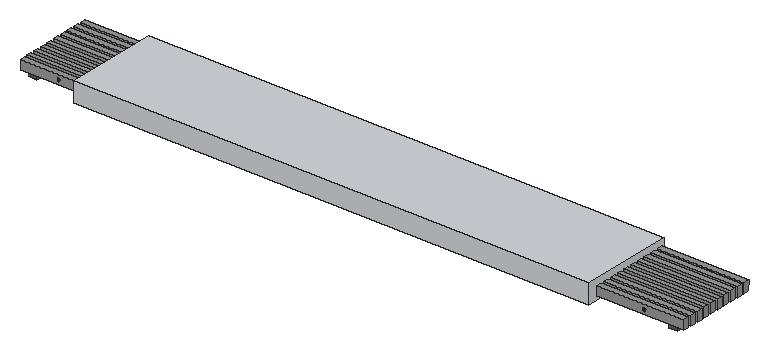
Revit family "1212-10, Veneer", category Generic Models, host Face, Revit 2020
Family settings
  Host = Face
  Can host rebar = No
  Round Connector Dimension = Use Diameter
  Part Type = Normal
  Cut with Voids When Loaded = No
  Shared = No
  Room Calculation Point = No
Parameters
  min_value [instance] = 1' - 11 1/4"  # constant formula
  max_value [instance] = 9' - 11 1/4"  # constant formula
  actual_value [instance] = if(NET LENGTH < min_value, min_value, if(NET LENGTH > max_value, max_value, NET LENGTH))  # 7' - 11 1/4"
  NET LENGTH [instance] = 7' - 11 1/4"
  IMPORTANT NOTE!!!                                                                             *Backer & dowel layout is for visualization purposes only, final layout to be determined by 9Wood. [instance] = ""
  Default Elevation = 4' - 0"
  DOWEL RADIUS [instance] = 0' - 0 1/4"  # constant formula
  BACKING M MATERIAL [instance] = BLACK-BACKERS
  .. MEMBER WIDTH [instance] = 0' - 0 3/4"  # constant formula
  .. MEMBER MATERIAL [instance] = Veneer Cherry
  .. MEMBER DEPTH [instance] = 0' - 1 3/8"  # constant formula
  .. MEMBER COUNT [instance] = 10  # constant formula
Reference planes (in)
  plane 1 "Center (Front/Back)": y = 0
  plane 2: z = 2.726
  plane 3 "Center (Left/Right)": x = 0
Forms (in)
  Extrusion 1, solid
    sketch origin (15, -0.86619, -0.99308) x (0, 1, 0) y (-1, 0, 0)
      loop
        line (3.42869, -23.66817) -> (3.42869, 50.25) -> (-10, 50.25) -> (-10, -23.66817) -> (3.42869, -23.66817)
    from 3.71908 to 1.00111
Dimensions and locks (in)
  aligned and locked: plane 2 to Extrusion 1
Nested families (in)
  nested 1: "1200 Series" at (-44, -2, 1.87867), NET LENGTH <- "actual_value", DOWEL RADII <- "DOWEL RADIUS", .. MEMBER WIDTH <- ".. MEMBER WIDTH", .. MEMBER DEPTH <- ".. MEMBER DEPTH", .. MEMBER MATERIAL <- ".. MEMBER MATERIAL", BACKING M MATERIAL <- "BACKING M MATERIAL", .. MEMBER COUNT <- ".. MEMBER COUNT", type "1200 Series"
    with X 7' - 4", WIDTH 1' - 0 1/16", Space 0' - 0 11/16", START 0' - 0 3/8", SCRIM MATERIAL SCRIM, SCRIM 3 8' - 1", SCRIM 2 0' - 0 7/8", SCRIM 1 0' - 0 3/32", SCRIM yes, NET LENGTH 7' - 11 1/4", N 8, INSET 3 0' - 0 3/16", INSET 0' - 1", INDEX 0' - 5 5/8", END BACKER yes, DOWEL RADII 0' - 0 1/4", DOWEL COUNT 8, BACKING M WIDTH 0' - 1 1/4", BACKING M MATERIAL BLACK-BACKERS, BACKING M LENGTH 0' - 11 7/8", BACKING M DEPTH 0' - 0 1/2", .. MEMBER WIDTH 0' - 0 3/4", .. MEMBER OC TYP 0' - 1.2", .. MEMBER MATERIAL Veneer Cherry, .. MEMBER DEPTH 0' - 1 3/8", .. MEMBER COUNT 10
Definition of nested family "1200 Series"
  Parameters (values of type "1200 Series")
    X [instance] = NET LENGTH - (0' 3 5/8" * 2)  # 6' - 2"
    WIDTH [instance] = 1' - 0 1/16"
    Space [instance] = 0' - 0 11/16"  # constant formula
    START [instance] = .. MEMBER WIDTH / 2  # 0' - 0 3/8"
    SCRIM MATERIAL [instance] = none
    SCRIM 3 [instance] = NET LENGTH + (SCRIM 2 * 2)  # 6' - 11"
    SCRIM 2 [instance] = 0' - 0 7/8"
    SCRIM 1 [instance] = 0' - 0 3/32"
    SCRIM [instance] = yes
    NET LENGTH [instance] = 6' - 9 1/4"
    N [instance] = if((X - (rounddown(X / 1' 0") * 1' 0")) > 1' 0", rounddown(X / 1' 0") + 2, rounddown(X / 1' 0") + 1)  # 7
    INSET 3 [instance] = 0' - 0 3/16"
    INSET [instance] = 0' - 1"
    INDEX [instance] = (NET LENGTH - ((N - 1) * 1' 0")) / 2  # 0' - 4 5/8"
    END BACKER [instance] = yes
    Default Elevation = 0' - 0"
    DOWEL RADII [instance] = 0' - 0 1/4"
    DOWEL COUNT [instance] = N  # 7
    BACKING M WIDTH [instance] = 0' - 1 1/4"
    BACKING M MATERIAL [instance] = none
    BACKING M LENGTH [instance] = 0' - 11 7/8"
    BACKING M DEPTH [instance] = 0' - 0 1/2"
    .. MEMBER WIDTH [instance] = 0' - 0 3/4"
    .. MEMBER OC TYP [instance] = 1' 0" / .. MEMBER COUNT  # 0' - 3"
    .. MEMBER MATERIAL [instance] = none
    .. MEMBER DEPTH [instance] = 0' - 1 3/8"
    .. MEMBER COUNT [instance] = 4
  Reference planes (in)
    plane 1 "Center (Front/Back)": y = -7.5
    plane 2: z = 0
    plane 3 "Center (Left/Right)": x = 0
    plane 4: x = 1
    plane 5: x = 4.625
    plane 6: x = 81.25
    plane 7: x = 80.25
    plane 8: x = 16.625
    plane 9: y = -7.3125
    plane 10: y = -4.125
    plane 11: y = -7.125
    plane 12: y = 4.5625
    plane 13: y = -4.5
    plane 14: y = -7.59375
    plane 15: x = 82.125
    plane 16: y = 4.65625
    plane 17: x = -0.875
    plane 18: z = -1.375
    plane 19: z = -0.6875
  Lines and regions (in)
    model lines
      curve 1: line (4.375, -7.5, -0.6875) -> (4.875, -7.5, -0.6875)
    model lines, not visible
      curve 2: line (4.625, -7.5, -0.9375) -> (4.625, -7.5, -0.4375)
      curve 3: line (4.375, -7.5, -0.6875) -> (4.875, -7.5, -0.6875)
      curve 4: line (16.625, -7.5, -0.9375) -> (16.625, -7.5, -0.4375)
      curve 5: line (16.375, -7.5, -0.6875) -> (16.875, -7.5, -0.6875)
      curve 6: line (28.625, -7.5, -0.9375) -> (28.625, -7.5, -0.4375)
      curve 7: line (28.375, -7.5, -0.6875) -> (28.875, -7.5, -0.6875)
      curve 8: line (40.625, -7.5, -0.9375) -> (40.625, -7.5, -0.4375)
      curve 9: line (40.375, -7.5, -0.6875) -> (40.875, -7.5, -0.6875)
      curve 10: line (52.625, -7.5, -0.9375) -> (52.625, -7.5, -0.4375)
      curve 11: line (52.375, -7.5, -0.6875) -> (52.875, -7.5, -0.6875)
      curve 12: line (64.625, -7.5, -0.9375) -> (64.625, -7.5, -0.4375)
      curve 13: line (64.375, -7.5, -0.6875) -> (64.875, -7.5, -0.6875)
      curve 14: line (76.625, -7.5, -0.9375) -> (76.625, -7.5, -0.4375)
      curve 15: line (76.375, -7.5, -0.6875) -> (76.875, -7.5, -0.6875)
  Dimensions and locks (in)
    "NET LENGTH": plane 3 "Center (Left/Right)" to plane 6
    "INSET": plane 7 to plane 6
    "INDEX": plane 3 "Center (Left/Right)" to plane 5
    plane 5 to plane 8 = 1' - 0"
    "INSET 3": plane 1 "Center (Front/Back)" to plane 9
    equal spacing: group 1, group 2, group 3, group 4  (x3)
    "START": plane 11 to plane 1 "Center (Front/Back)"
    ".. MEMBER OC TYP": plane 10 to plane 11
    "WIDTH": plane 12 to plane 1 "Center (Front/Back)"
    "START": plane 10 to plane 13
    "SCRIM 1": plane 14 to plane 1 "Center (Front/Back)"
    "SCRIM 2": plane 6 to plane 15
    "SCRIM 1": plane 12 to plane 16
    "SCRIM 2": plane 17 to plane 3 "Center (Left/Right)"
    "INSET": plane 3 "Center (Left/Right)" to plane 4
    equal spacing: group 5, group 6, group 7, group 8, group 9, group 10, group 11  (x3)
    "Space": plane 19 to plane 18
    aligned and locked: level to plane 2
    aligned and locked: nested 1 to plane 4  (x2)
    aligned and locked: plane 7 to nested 2
    aligned and locked: plane 5 to nested 3
    aligned and locked: nested 1 to plane 9
    aligned and locked: plane 1 "Center (Front/Back)" to nested 4
    aligned and locked: plane 9 to nested 2
    aligned and locked: plane 13 to nested 5
    aligned and locked: nested 3 to plane 9
    aligned and locked: plane 18 to nested 1
    aligned and locked: plane 19 to nested 3
    aligned and locked: curve 1 to plane 19
    aligned and locked: plane 8 to curve 4
    aligned and locked: curve 5 to plane 19
    aligned and locked: nested 4 to plane 18
  Automatic sketch dimensions
    curve 1 to curve 1 = 0' - 0 1/2"
    curve 1 to plane 5 = 0' - 0 1/4"
    plane 5 to curve 1 = 0' - 0 1/4"
    curve 3 to curve 2 = 0' - 0 1/4"  (x2)
    curve 2 to curve 3 = 0' - 0 1/4"  (x2)
    curve 5 to curve 4 = 0' - 0 1/4"  (x2)
    curve 4 to curve 5 = 0' - 0 1/4"  (x2)
    curve 7 to curve 6 = 0' - 0 1/4"  (x2)
    curve 6 to curve 7 = 0' - 0 1/4"  (x2)
    curve 9 to curve 8 = 0' - 0 1/4"  (x2)
    curve 8 to curve 9 = 0' - 0 1/4"  (x2)
    curve 11 to curve 10 = 0' - 0 1/4"  (x2)
    curve 10 to curve 11 = 0' - 0 1/4"  (x2)
    curve 13 to curve 12 = 0' - 0 1/4"  (x2)
    curve 12 to curve 13 = 0' - 0 1/4"  (x2)
    curve 15 to curve 14 = 0' - 0 1/4"  (x2)
    curve 14 to curve 15 = 0' - 0 1/4"  (x2)
  Nested families (in)
    nested 1: "INSTANCE - 2ND -  EXTEND SIDE H CENTER W - Parametric Cube" at (1, -1.375, -1.375) x (0, -1, 0) z (0, 0, 1), Width <- "BACKING M LENGTH", Length <- "BACKING M WIDTH", Material <- "BACKING M MATERIAL", Height <- "BACKING M DEPTH", visible <- "END BACKER", type "INSTANCE - 2ND -  EXTEND SIDE H CENTER W - Parametric Cube"
      with Width 0' - 11 7/8", Material none, Length 0' - 1 1/4", Height 0' - 0 1/2"
    nested 2: "INSTANCE - 2ND -  EXTEND SIDE H CENTER W - Parametric Cube" at (80.25, -1.375, -1.375) x (0, -1, 0) z (0, 0, 1), Width <- "BACKING M LENGTH", Length <- "BACKING M WIDTH", Material <- "BACKING M MATERIAL", Height <- "BACKING M DEPTH", visible <- "END BACKER", type "INSTANCE - 2ND -  EXTEND SIDE H CENTER W - Parametric Cube"
      with Width 0' - 11 7/8", Material none, Length 0' - 1 1/4", Height 0' - 0 1/2"
    nested 3: "Family3" at (-5.375, -7.3125, -0.6875), DOWEL RADII <- "DOWEL RADII", BACKING MEM MATERIAL <- "BACKING M MATERIAL", type "Family3"
      with DOWEL RADII 0' - 0 1/4", DOWEL LENGTH 0' - 11 7/8", BACKING MEM MATERIAL none
    nested 4: "HOLED MEMBER" at (0, -18.75, 6.19404), DOWEL RADII <- "DOWEL RADII", .. MEMBER LENGTH <- "NET LENGTH", DOWEL COUNT <- "DOWEL COUNT", DEPTH <- ".. MEMBER DEPTH", .. MEMBER WIDTH <- ".. MEMBER WIDTH", Material <- ".. MEMBER MATERIAL", DOWEL INDEX <- "INDEX", Space 2 <- "Space", type "HOLED MEMBER"
      with Width 0' - 6", Space 2 0' - 0 11/16", Material none, Length 1' - 0", Height 0' - 10.43096", DOWEL RADII 0' - 0 1/4", DOWEL OC DIST 1' - 0", DOWEL INDEX 0' - 4 5/8", DOWEL COUNT 7, DEPTH 0' - 1 3/8", .. MEMBER WIDTH 0' - 0 3/4", .. MEMBER LENGTH 6' - 9 1/4"
    nested 5: "HOLED MEMBER" at (0, -15.75, 6.19404), DOWEL RADII <- "DOWEL RADII", .. MEMBER LENGTH <- "NET LENGTH", DOWEL COUNT <- "DOWEL COUNT", DEPTH <- ".. MEMBER DEPTH", .. MEMBER WIDTH <- ".. MEMBER WIDTH", Material <- ".. MEMBER MATERIAL", DOWEL INDEX <- "INDEX", Space 2 <- "Space", type "HOLED MEMBER"
      with Width 0' - 6", Space 2 0' - 0 11/16", Material none, Length 1' - 0", Height 0' - 10.43096", DOWEL RADII 0' - 0 1/4", DOWEL OC DIST 1' - 0", DOWEL INDEX 0' - 4 5/8", DOWEL COUNT 7, DEPTH 0' - 1 3/8", .. MEMBER WIDTH 0' - 0 3/4", .. MEMBER LENGTH 6' - 9 1/4"
    nested 6: "HOLED MEMBER" at (0, -12.75, 6.19404), DOWEL RADII <- "DOWEL RADII", .. MEMBER LENGTH <- "NET LENGTH", DOWEL COUNT <- "DOWEL COUNT", DEPTH <- ".. MEMBER DEPTH", .. MEMBER WIDTH <- ".. MEMBER WIDTH", Material <- ".. MEMBER MATERIAL", DOWEL INDEX <- "INDEX", Space 2 <- "Space", type "HOLED MEMBER"
      with Width 0' - 6", Space 2 0' - 0 11/16", Material none, Length 1' - 0", Height 0' - 10.43096", DOWEL RADII 0' - 0 1/4", DOWEL OC DIST 1' - 0", DOWEL INDEX 0' - 4 5/8", DOWEL COUNT 7, DEPTH 0' - 1 3/8", .. MEMBER WIDTH 0' - 0 3/4", .. MEMBER LENGTH 6' - 9 1/4"
    nested 7: "HOLED MEMBER" at (0, -9.75, 6.19404), DOWEL RADII <- "DOWEL RADII", .. MEMBER LENGTH <- "NET LENGTH", DOWEL COUNT <- "DOWEL COUNT", DEPTH <- ".. MEMBER DEPTH", .. MEMBER WIDTH <- ".. MEMBER WIDTH", Material <- ".. MEMBER MATERIAL", DOWEL INDEX <- "INDEX", Space 2 <- "Space", type "HOLED MEMBER"
      with Width 0' - 6", Space 2 0' - 0 11/16", Material none, Length 1' - 0", Height 0' - 10.43096", DOWEL RADII 0' - 0 1/4", DOWEL OC DIST 1' - 0", DOWEL INDEX 0' - 4 5/8", DOWEL COUNT 7, DEPTH 0' - 1 3/8", .. MEMBER WIDTH 0' - 0 3/4", .. MEMBER LENGTH 6' - 9 1/4"
    nested 8: "Family3" at (6.625, -7.3125, -0.6875), DOWEL RADII <- "DOWEL RADII", BACKING MEM MATERIAL <- "BACKING M MATERIAL", type "Family3"
      with DOWEL RADII 0' - 0 1/4", DOWEL LENGTH 0' - 11 7/8", BACKING MEM MATERIAL none
    nested 9: "Family3" at (18.625, -7.3125, -0.6875), DOWEL RADII <- "DOWEL RADII", BACKING MEM MATERIAL <- "BACKING M MATERIAL", type "Family3"
      with DOWEL RADII 0' - 0 1/4", DOWEL LENGTH 0' - 11 7/8", BACKING MEM MATERIAL none
    nested 10: "Family3" at (30.625, -7.3125, -0.6875), DOWEL RADII <- "DOWEL RADII", BACKING MEM MATERIAL <- "BACKING M MATERIAL", type "Family3"
      with DOWEL RADII 0' - 0 1/4", DOWEL LENGTH 0' - 11 7/8", BACKING MEM MATERIAL none
    nested 11: "Family3" at (42.625, -7.3125, -0.6875), DOWEL RADII <- "DOWEL RADII", BACKING MEM MATERIAL <- "BACKING M MATERIAL", type "Family3"
      with DOWEL RADII 0' - 0 1/4", DOWEL LENGTH 0' - 11 7/8", BACKING MEM MATERIAL none
    nested 12: "Family3" at (54.625, -7.3125, -0.6875), DOWEL RADII <- "DOWEL RADII", BACKING MEM MATERIAL <- "BACKING M MATERIAL", type "Family3"
      with DOWEL RADII 0' - 0 1/4", DOWEL LENGTH 0' - 11 7/8", BACKING MEM MATERIAL none
    nested 13: "Family3" at (66.625, -7.3125, -0.6875), DOWEL RADII <- "DOWEL RADII", BACKING MEM MATERIAL <- "BACKING M MATERIAL", type "Family3"
      with DOWEL RADII 0' - 0 1/4", DOWEL LENGTH 0' - 11 7/8", BACKING MEM MATERIAL none
  Definition of nested family "INSTANCE - 2ND -  EXTEND SIDE H CENTER W - Parametric Cube"
    Parameters (values of type "INSTANCE - 2ND -  EXTEND SIDE H CENTER W - Parametric Cube")
      Width [instance] = 0' - 6"
      Material [instance] = none
      Length [instance] = 1' - 0"
      Height [instance] = 1' - 6"
      Default Elevation = 0' - 0"
    Reference planes (in)
      plane 1 "Center (Front/Back)": y = 0
      plane 2: z = 0
      plane 3 "Center (Left/Right)": x = 0
      plane 4: x = -3
      plane 5: x = 3
      plane 6: y = 12
      plane 7: z = -18
    Forms (in)
      Extrusion 1, solid, material <- "Material"
        sketch origin (0, 6, 0) x (1, 0, 0) y (0, 1, 0)
          loop
            line (-3, 6) -> (-3, -6) -> (3, -6) -> (3, 6) -> (-3, 6)
        from -18 to 0
    Dimensions and locks (in)
      equal spacing: plane 4, plane 3 "Center (Left/Right)", plane 5
      "Width": plane 4 to plane 5
      "Height": plane 7 to level
      "Length": plane 1 "Center (Front/Back)" to plane 6
      aligned and locked: plane 2 to level
      aligned and locked: plane 4 to Extrusion 1 sketch curve
      aligned and locked: Extrusion 1 sketch curve to plane 5
      aligned and locked: Extrusion 1 to plane 7
      aligned and locked: plane 6 to Extrusion 1
    Automatic sketch dimensions
      plane 1 "Center (Front/Back)" to Extrusion 1 sketch curve = 0' - 0"
      plane 6 to Extrusion 1 sketch curve = 0' - 0"
  Definition of nested family "Family3"
    Parameters (values of type "Family3")
      Default Elevation = 0' - 0"
      DOWEL RADII [instance] = 0' - 0 5/8"
      DOWEL LENGTH [instance] = 0' - 5"
      BACKING MEM MATERIAL [instance] = none
    Reference planes (in)
      plane 1 "Center (Front/Back)": y = 0
      plane 2: z = 0
      plane 3 "Center (Left/Right)": x = 0
      plane 4: y = 5
    Forms (in)
      Extrusion 1, solid, material <- "BACKING MEM MATERIAL"
        sketch origin (10, 0, 0) x (1, 0, 0) y (0, 0, 1)
          loop
            circle (0, 0) r 0.625
        from 0 to -5
      Extrusion 2, solid, not visible
        sketch origin (0, 0, 0) x (1, 0, 0) y (0, 0, 1)
          loop
            circle (0, 0) r 0.625
        from 0 to 12
      Extrusion 3, solid, not visible
        sketch origin (10, 0, 0) x (1, 0, 0) y (0, 0, 1)
          loop
            circle (0, 0) r 0.625
        from 0 to 2.5
      Extrusion 4, solid, not visible
        sketch origin (10, 0, 0) x (1, 0, 0) y (0, 0, 1)
          loop
            circle (0, 0) r 0.625
        from 0 to -12
    Lines and regions (in)
      model lines, not visible
        curve 1: line (-13, 0, 0) -> (-13, -12, 0)
        curve 2: line (13, 0, 0) -> (13, -12, 0)
        curve 3: line (9.89453, 0, 0) -> (10.08794, 0, 0)
        curve 4: line (9.89453, -2.5, 0) -> (10.08794, -2.5, 0)
        curve 6: line (10, 0, 0) -> (10, 2, 0)
      model lines
        curve 5: line (10, 0, 0) -> (10, 2, 0)
    Dimensions and locks (in)
      "DOWEL LENGTH": plane 1 "Center (Front/Back)" to plane 4
      "DOWEL RADII": radius of Extrusion 1 sketch curve
      "DOWEL RADII": radius of Extrusion 2 sketch curve
      "DOWEL RADII": radius of Extrusion 3 sketch curve
      "DOWEL RADII": radius of Extrusion 4 sketch curve
      "DOWEL RADII": radius of Extrusion 1
      aligned and locked: plane 2 to level
      aligned and locked: Extrusion 1 to plane 1 "Center (Front/Back)"  (x3)
      aligned and locked: plane 1 "Center (Front/Back)" to Extrusion 1
      aligned and locked: plane 4 to Extrusion 1
    Automatic sketch dimensions
      plane 1 "Center (Front/Back)" to curve 5 = 0' - 0"
      curve 5 to plane 1 "Center (Front/Back)" = 0' - 2"
      plane 3 "Center (Left/Right)" to curve 5 = 0' - 10"
      Extrusion 1 sketch curve to level = 0' - 0"
      plane 3 "Center (Left/Right)" to Extrusion 1 sketch curve = 0' - 10"
  Definition of nested family "HOLED MEMBER"
    Parameters (values of type "HOLED MEMBER")
      Width [instance] = 0' - 6"
      Space 2 [instance] = 0' - 0 5/8"
      Space = 0' - 0 5/8"
      Material [instance] = none
      Length [instance] = 1' - 0"
      Height [instance] = 0' - 10.43096"
      Default Elevation = 0' - 0"
      DOWEL RADII [instance] = 0' - 0.34537"
      DOWEL OC DIST [instance] = 1' - 0"
      DOWEL INSET = 0' - 0 5/8"
      DOWEL INDEX [instance] = 0' - 5 5/8"
      DOWEL COUNT [instance] = 6
      DEPTH [instance] = 0' - 2"
      .. MEMBER WIDTH [instance] = 0' - 0 5/8"
      .. MEMBER LENGTH [instance] = 5' - 11 3/4"
    Reference planes (in)
      plane 1 "Center (Front/Back)": y = 12
      plane 2: z = -7.56904
      plane 3 "Center (Left/Right)": x = 0
      plane 4: x = 5.625
      plane 5: x = 17.625
      plane 6: y = 11.375
      plane 7: x = 71.75
      plane 8: z = -6.94404
      plane 9: z = -5.56904
    Forms (in)
      Extrusion 1, solid, material <- "Material"
        sketch origin (0, 12, -13.56904) x (1, 0, 0) y (0, 0, 1)
          loop
            line (0, 6) -> (71.75, 6) -> (71.75, 8) -> (0, 8) -> (0, 6)
        from 0.625 to 0
      Extrusion 2, void
        sketch origin (0, 12, -18.31904) x (1, 0, 0) y (0, 0, 1)
          loop
            circle (5.625, 11.375) r 0.34537
        from 0 to 12
      Extrusion 3, void, not visible
        sketch origin (0, 1.25, 0) x (1, 0, 0) y (0, 1, 0)
          loop
            circle (5.625, 11.375) r 0.34537
        from 0 to 12
      Extrusion 4, void, not visible
        sketch origin (0, 1.25, 0) x (1, 0, 0) y (0, 1, 0)
          loop
            circle (5.625, 11.375) r 0.34537
        from 0 to 12
      Extrusion 5, void, not visible
        sketch origin (12, 1.25, 0) x (1, 0, 0) y (0, 1, 0)
          loop
            circle (5.625, 11.375) r 0.34537
        from 0 to 12
      Extrusion 6, void, not visible
        sketch origin (0, 12, -16.31904) x (1, 0, 0) y (0, 0, 1)
          loop
            circle (5.625, 11.375) r 0.34537
        from 0 to 12
      Extrusion 7, void, not visible
        sketch origin (12, 12, -16.31904) x (1, 0, 0) y (0, 0, 1)
          loop
            circle (5.625, 11.375) r 0.34537
        from 0 to 12
      Extrusion 8, void, not visible
        sketch origin (0, 12, -18.31904) x (1, 0, 0) y (0, 0, 1)
          loop
            circle (5.625, 11.375) r 0.34537
        from 0 to 12
      Extrusion 9, void
        sketch origin (12, 12, -18.31904) x (1, 0, 0) y (0, 0, 1)
          loop
            circle (5.625, 11.375) r 0.34537
        from 0 to 12
      Extrusion 10, void, not visible
        sketch origin (24, 12, -16.31904) x (1, 0, 0) y (0, 0, 1)
          loop
            circle (5.625, 11.375) r 0.34537
        from 0 to 12
      Extrusion 11, void, not visible
        sketch origin (36, 12, -16.31904) x (1, 0, 0) y (0, 0, 1)
          loop
            circle (5.625, 11.375) r 0.34537
        from 0 to 12
      Extrusion 12, void, not visible
        sketch origin (48, 12, -16.31904) x (1, 0, 0) y (0, 0, 1)
          loop
            circle (5.625, 11.375) r 0.34537
        from 0 to 12
      Extrusion 13, void, not visible
        sketch origin (60, 12, -16.31904) x (1, 0, 0) y (0, 0, 1)
          loop
            circle (5.625, 11.375) r 0.34537
        from 0 to 12
      Extrusion 14, void, not visible
        sketch origin (24, 1.25, 0) x (1, 0, 0) y (0, 1, 0)
          loop
            circle (5.625, 11.375) r 0.34537
        from 0 to 12
      Extrusion 15, void, not visible
        sketch origin (36, 1.25, 0) x (1, 0, 0) y (0, 1, 0)
          loop
            circle (5.625, 11.375) r 0.34537
        from 0 to 12
      Extrusion 16, void, not visible
        sketch origin (48, 1.25, 0) x (1, 0, 0) y (0, 1, 0)
          loop
            circle (5.625, 11.375) r 0.34537
        from 0 to 12
      Extrusion 17, void, not visible
        sketch origin (60, 1.25, 0) x (1, 0, 0) y (0, 1, 0)
          loop
            circle (5.625, 11.375) r 0.34537
        from 0 to 12
      Extrusion 18, void
        sketch origin (24, 12, -18.31904) x (1, 0, 0) y (0, 0, 1)
          loop
            circle (5.625, 11.375) r 0.34537
        from 0 to 12
      Extrusion 19, void
        sketch origin (36, 12, -18.31904) x (1, 0, 0) y (0, 0, 1)
          loop
            circle (5.625, 11.375) r 0.34537
        from 0 to 12
      Extrusion 20, void
        sketch origin (48, 12, -18.31904) x (1, 0, 0) y (0, 0, 1)
          loop
            circle (5.625, 11.375) r 0.34537
        from 0 to 12
      Extrusion 21, void
        sketch origin (60, 12, -18.31904) x (1, 0, 0) y (0, 0, 1)
          loop
            circle (5.625, 11.375) r 0.34537
        from 0 to 12
    Cuts and joins
      Extrusion 2, Extrusion 9, Extrusion 18, Extrusion 19, Extrusion 20, Extrusion 21 cuts Extrusion 1
    Lines and regions (in)
      model lines, not visible
        curve 1: line (5.625, 11.72037, 0) -> (5.625, 11.02963, 0)
        curve 2: line (5.625, 11.72037, 0) -> (5.625, 11.02963, 0)
        curve 3: line (17.625, 11.72037, 0) -> (17.625, 11.02963, 0)
        curve 4: line (5.625, 12, -7.56904) -> (5.625, 11.87317, -7.56904)
        curve 5: line (5.625, 11.87317, -7.56904) -> (5.06195, 11.87317, -7.56904)
        curve 6: line (5.06195, 11.87317, -7.56904) -> (5.27963, 11.375, -7.56904)
        curve 7: line (0, 12, -6.19404) -> (0, 11.61951, -6.19404)
        curve 8: line (0, 11.375, -8.19404) -> (0, 11.6747, -8.19404)
        curve 9: line (5.625, 12, -7.56904) -> (5.625, 11.69863, -7.56904)
        curve 11: line (5.625, 12, 0) -> (5.625, 12, 0.30137)
        curve 12: line (5.625, 12, 0) -> (5.625, 12, 0.30137)
        curve 13: line (17.625, 12, 0) -> (17.625, 12, 0.30137)
        curve 14: line (5.625, 12, -5.56904) -> (5.625, 11.69863, -5.56904)
        curve 15: line (17.625, 12, -5.56904) -> (17.625, 11.69863, -5.56904)
        curve 16: line (5.625, 12, -7.56904) -> (5.625, 11.69863, -7.56904)
        curve 18: line (29.625, 12, -5.56904) -> (29.625, 11.69863, -5.56904)
        curve 19: line (41.625, 12, -5.56904) -> (41.625, 11.69863, -5.56904)
        curve 20: line (53.625, 12, -5.56904) -> (53.625, 11.69863, -5.56904)
        curve 21: line (65.625, 12, -5.56904) -> (65.625, 11.69863, -5.56904)
        curve 22: line (29.625, 11.72037, 0) -> (29.625, 11.02963, 0)
        curve 23: line (29.625, 12, 0) -> (29.625, 12, 0.30137)
        curve 24: line (41.625, 11.72037, 0) -> (41.625, 11.02963, 0)
        curve 25: line (41.625, 12, 0) -> (41.625, 12, 0.30137)
        curve 26: line (53.625, 11.72037, 0) -> (53.625, 11.02963, 0)
        curve 27: line (53.625, 12, 0) -> (53.625, 12, 0.30137)
        curve 28: line (65.625, 11.72037, 0) -> (65.625, 11.02963, 0)
        curve 29: line (65.625, 12, 0) -> (65.625, 12, 0.30137)
        curve 35: line (5.27963, 12.625, 0) -> (5.97037, 12.625, 0)
        curve 36: line (5.27963, 12.625, 0) -> (5.97037, 12.625, 0)
        curve 37: line (17.27963, 12.625, 0) -> (17.97037, 12.625, 0)
        curve 38: line (5.27963, 12, -4.94404) -> (5.97037, 12, -4.94404)
        curve 39: line (17.27963, 12, -4.94404) -> (17.97037, 12, -4.94404)
        curve 40: line (5.27963, 12, -6.94404) -> (5.97037, 12, -6.94404)
        curve 42: line (29.27963, 12, -4.94404) -> (29.97037, 12, -4.94404)
        curve 43: line (41.27963, 12, -4.94404) -> (41.97037, 12, -4.94404)
        curve 44: line (53.27963, 12, -4.94404) -> (53.97037, 12, -4.94404)
        curve 45: line (65.27963, 12, -4.94404) -> (65.97037, 12, -4.94404)
        curve 46: line (29.27963, 12.625, 0) -> (29.97037, 12.625, 0)
        curve 47: line (41.27963, 12.625, 0) -> (41.97037, 12.625, 0)
        curve 48: line (53.27963, 12.625, 0) -> (53.97037, 12.625, 0)
        curve 49: line (65.27963, 12.625, 0) -> (65.97037, 12.625, 0)
        curve 54: line (0, 12, -6.94404) -> (0, 4.22059, -6.94404)
        curve 55: line (0, 12.625, 0) -> (0, 12.625, 7.77941)
        curve 56: line (0, 12.625, 0) -> (0, 12.625, 7.77941)
        curve 57: line (12, 12.625, 0) -> (12, 12.625, 7.77941)
        curve 58: line (0, 12, -4.94404) -> (0, 4.22059, -4.94404)
        curve 59: line (12, 12, -4.94404) -> (12, 4.22059, -4.94404)
        curve 60: line (0, 12, -6.94404) -> (0, 4.22059, -6.94404)
        curve 61: line (12, 12, -6.94404) -> (12, 4.22059, -6.94404)
        curve 62: line (24, 12, -4.94404) -> (24, 4.22059, -4.94404)
        curve 63: line (36, 12, -4.94404) -> (36, 4.22059, -4.94404)
        curve 64: line (48, 12, -4.94404) -> (48, 4.22059, -4.94404)
        curve 65: line (60, 12, -4.94404) -> (60, 4.22059, -4.94404)
        curve 66: line (24, 12.625, 0) -> (24, 12.625, 7.77941)
        curve 67: line (36, 12.625, 0) -> (36, 12.625, 7.77941)
        curve 68: line (48, 12.625, 0) -> (48, 12.625, 7.77941)
        curve 69: line (60, 12.625, 0) -> (60, 12.625, 7.77941)
        curve 70: line (24, 12, -6.94404) -> (24, 4.22059, -6.94404)
        curve 71: line (36, 12, -6.94404) -> (36, 4.22059, -6.94404)
        curve 72: line (48, 12, -6.94404) -> (48, 4.22059, -6.94404)
        curve 73: line (60, 12, -6.94404) -> (60, 4.22059, -6.94404)
      model lines
        curve 10: line (5.625, 12, -7.56904) -> (5.625, 11.69863, -7.56904)
        curve 17: line (17.625, 12, -7.56904) -> (17.625, 11.69863, -7.56904)
        curve 30: line (29.625, 12, -7.56904) -> (29.625, 11.69863, -7.56904)
        curve 31: line (41.625, 12, -7.56904) -> (41.625, 11.69863, -7.56904)
        curve 32: line (53.625, 12, -7.56904) -> (53.625, 11.69863, -7.56904)
        curve 33: line (65.625, 12, -7.56904) -> (65.625, 11.69863, -7.56904)
        curve 34: line (5.27963, 12, -6.94404) -> (5.97037, 12, -6.94404)
        curve 41: line (17.27963, 12, -6.94404) -> (17.97037, 12, -6.94404)
        curve 50: line (29.27963, 12, -6.94404) -> (29.97037, 12, -6.94404)
        curve 51: line (41.27963, 12, -6.94404) -> (41.97037, 12, -6.94404)
        curve 52: line (53.27963, 12, -6.94404) -> (53.97037, 12, -6.94404)
        curve 53: line (65.27963, 12, -6.94404) -> (65.97037, 12, -6.94404)
    Dimensions and locks (in)
      "DOWEL INDEX": plane 3 "Center (Left/Right)" to plane 4
      "DOWEL OC DIST": plane 4 to plane 5
      ".. MEMBER LENGTH": plane 3 "Center (Left/Right)" to plane 7
      equal spacing: group 3, group 4, group 17, group 18, group 19, group 20  (x3)
      equal spacing: group 7, group 8, group 13, group 14, group 15, group 16  (x3)
      equal spacing: group 1, group 12, group 21, group 22, group 23, group 24  (x3)
      ".. MEMBER WIDTH": plane 6 to plane 1 "Center (Front/Back)"
      "DEPTH": plane 9 to level
      "Space 2": plane 8 to level
      "DOWEL RADII": radius of Extrusion 2 sketch curve
      "DOWEL RADII": radius of Extrusion 3 sketch curve
      "DOWEL RADII": radius of Extrusion 4 sketch curve
      "DOWEL RADII": radius of Extrusion 5 sketch curve
      "DOWEL RADII": radius of Extrusion 6 sketch curve
      "DOWEL RADII": radius of Extrusion 7 sketch curve
      "DOWEL RADII": radius of Extrusion 8 sketch curve
      "DOWEL RADII": radius of Extrusion 9 sketch curve
      "DOWEL RADII": radius of Extrusion 10 sketch curve
      "DOWEL RADII": radius of Extrusion 11 sketch curve
      "DOWEL RADII": radius of Extrusion 12 sketch curve
      "DOWEL RADII": radius of Extrusion 13 sketch curve
      "DOWEL RADII": radius of Extrusion 14 sketch curve
      "DOWEL RADII": radius of Extrusion 15 sketch curve
      "DOWEL RADII": radius of Extrusion 16 sketch curve
      "DOWEL RADII": radius of Extrusion 17 sketch curve
      "DOWEL RADII": radius of Extrusion 18 sketch curve
      "DOWEL RADII": radius of Extrusion 19 sketch curve
      "DOWEL RADII": radius of Extrusion 20 sketch curve
      "DOWEL RADII": radius of Extrusion 21 sketch curve
      aligned and locked: level to plane 2
      aligned and locked: Extrusion 1 to plane 3 "Center (Left/Right)"  (x2)
      aligned and locked: plane 7 to cut or joined group of Extrusion 1, Extrusion 2, Extrusion 9, Extrusion 18, Extrusion 19, Extrusion 20, Extrusion 21  (x2)
      aligned and locked: cut or joined group of Extrusion 1, Extrusion 2, Extrusion 9, Extrusion 18, Extrusion 19, Extrusion 20, Extrusion 21 to plane 1 "Center (Front/Back)"  (x2)
      aligned and locked: cut or joined group of Extrusion 1, Extrusion 2, Extrusion 9, Extrusion 18, Extrusion 19, Extrusion 20, Extrusion 21 to plane 6  (x2)
      aligned and locked: plane 4 to curve 10
      aligned and locked: plane 5 to curve 17
      aligned and locked: plane 9 to cut or joined group of Extrusion 1, Extrusion 2, Extrusion 9, Extrusion 18, Extrusion 19, Extrusion 20, Extrusion 21  (x2)
      aligned and locked: cut or joined group of Extrusion 1, Extrusion 2, Extrusion 9, Extrusion 18, Extrusion 19, Extrusion 20, Extrusion 21 to level
      aligned and locked: plane 8 to Extrusion 2
      aligned and locked: curve 34 to plane 8
      aligned and locked: curve 41 to plane 8
      aligned and locked: level to curve 10
      aligned and locked: curve 10 to level
      aligned and locked: plane 8 to cut or joined group of Extrusion 1, Extrusion 2, Extrusion 9, Extrusion 18, Extrusion 19, Extrusion 20, Extrusion 21
      aligned and locked: curve 54 to plane 8
    Automatic sketch dimensions
      curve 1 to curve 1 = 0' - 0.69074"
      curve 2 to curve 2 = 0' - 0.69074"
      curve 3 to curve 3 = 0' - 0.69074"
      Extrusion 1 sketch curve to plane 3 "Center (Left/Right)" = 0' - 0"
      Extrusion 1 sketch curve to plane 7 = 0' - 0"
      Extrusion 1 sketch curve to Extrusion 1 sketch curve = 0' - 2"
      level to Extrusion 1 sketch curve = 0' - 0"
      curve 9 to curve 9 = 0' - 0.30137"
      curve 10 to curve 10 = 0' - 0.30137"
      curve 11 to curve 11 = 0' - 0.30137"
      curve 12 to curve 12 = 0' - 0.30137"
      curve 13 to curve 13 = 0' - 0.30137"
      curve 14 to curve 14 = 0' - 0.30137"
      curve 15 to curve 15 = 0' - 0.30137"
      curve 16 to curve 16 = 0' - 0.30137"
      curve 17 to curve 17 = 0' - 0.30137"
      curve 18 to curve 18 = 0' - 0.30137"
      curve 19 to curve 19 = 0' - 0.30137"
      curve 20 to curve 20 = 0' - 0.30137"
      curve 21 to curve 21 = 0' - 0.30137"
      curve 22 to curve 22 = 0' - 0.69074"
      curve 23 to curve 23 = 0' - 0.30137"
      curve 24 to curve 24 = 0' - 0.69074"
      curve 25 to curve 25 = 0' - 0.30137"
      curve 26 to curve 26 = 0' - 0.69074"
      curve 27 to curve 27 = 0' - 0.30137"
      curve 28 to curve 28 = 0' - 0.69074"
      curve 29 to curve 29 = 0' - 0.30137"
      curve 30 to curve 30 = 0' - 0.30137"
      curve 31 to curve 31 = 0' - 0.30137"
      curve 32 to curve 32 = 0' - 0.30137"
      curve 33 to curve 33 = 0' - 0.30137"
      curve 34 to curve 34 = 0' - 0.69074"
      curve 35 to curve 35 = 0' - 0.69074"
      curve 36 to curve 36 = 0' - 0.69074"
      curve 37 to curve 37 = 0' - 0.69074"
      curve 38 to curve 38 = 0' - 0.69074"
      curve 39 to curve 39 = 0' - 0.69074"
      curve 40 to curve 40 = 0' - 0.69074"
      curve 41 to curve 41 = 0' - 0.69074"
      curve 42 to curve 42 = 0' - 0.69074"
      curve 43 to curve 43 = 0' - 0.69074"
      curve 44 to curve 44 = 0' - 0.69074"
      curve 45 to curve 45 = 0' - 0.69074"
      curve 46 to curve 46 = 0' - 0.69074"
      curve 47 to curve 47 = 0' - 0.69074"
      curve 48 to curve 48 = 0' - 0.69074"
      curve 49 to curve 49 = 0' - 0.69074"
      curve 50 to curve 50 = 0' - 0.69074"
      curve 51 to curve 51 = 0' - 0.69074"
      curve 52 to curve 52 = 0' - 0.69074"
      curve 53 to curve 53 = 0' - 0.69074"
      curve 54 to curve 54 = 0' - 7.77941"
      curve 55 to curve 55 = 0' - 7.77941"
      curve 56 to curve 56 = 0' - 7.77941"
      curve 57 to curve 57 = 0' - 7.77941"
      curve 58 to curve 58 = 0' - 7.77941"
      curve 59 to curve 59 = 0' - 7.77941"
      curve 60 to curve 60 = 0' - 7.77941"
      curve 61 to curve 61 = 0' - 7.77941"
      curve 62 to curve 62 = 0' - 7.77941"
      curve 63 to curve 63 = 0' - 7.77941"
      curve 64 to curve 64 = 0' - 7.77941"
      curve 65 to curve 65 = 0' - 7.77941"
      curve 66 to curve 66 = 0' - 7.77941"
      curve 67 to curve 67 = 0' - 7.77941"
      curve 68 to curve 68 = 0' - 7.77941"
      curve 69 to curve 69 = 0' - 7.77941"
      curve 70 to curve 70 = 0' - 7.77941"
      curve 71 to curve 71 = 0' - 7.77941"
      curve 72 to curve 72 = 0' - 7.77941"
      curve 73 to curve 73 = 0' - 7.77941"
